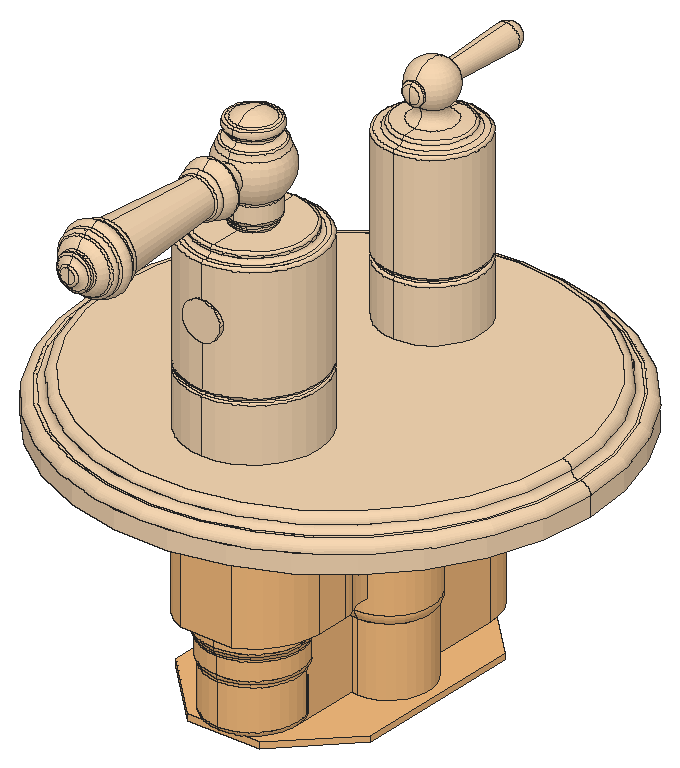
Revit family "Shower-Valve_Trim-KOHLER-Artifacts-72819W_1", category Plumbing Fixtures, host Face, Revit 2017 (continued)
Definition of nested family "72819W"
  Lines and regions (in)
    symbolic lines, detail levels medium+fine
      curve 85: line (0.90625, 0, 0.59247) -> (-0.90625, 0, 0.59247)
      curve 86: line (0.90625, 0, 1.33652) -> (-0.90625, 0, 1.33652)
      curve 87: line (0.81768, 0, 1.35641) -> (-0.81768, 0, 1.35641)
      curve 88: line (0.81768, 0, 1.4036) -> (0.5894, 0, 1.4036)
      curve 89: line (0.90625, 0, 1.42354) -> (-0.90625, 0, 1.42354)
      curve 90: line (0.90625, 0, 3.01961) -> (0.523, 0, 3.01961)
      curve 91: line (0.80245, 0, 3.0572) -> (0.50541, 0, 3.0572)
      curve 92: line (0.7484, 0, 3.11124) -> (0.23949, 0, 3.11124)
      curve 93: line (0.7484, 0, 3.14238) -> (0.21116, 0, 3.14238)
      curve 94: line (0.27091, 0, 3.17531) -> (0.19567, 0, 3.17531)
      curve 95: circle (0, 0, 3.53543) r 0.17864 normal (0, -1, 0)
      curve 96: line (0.6875, 0, 0.59247) -> (0.6875, 0, 1.33652)
      curve 97: line (0.5894, 0, 1.40759) -> (0.67165, 0, 1.40759)
      curve 98: line (0.6875, 0, 1.42344) -> (0.6875, 0, 2.93035)
      curve 99: line (0.5894, 0, 1.40759) -> (0.5894, 0, 1.35641)
      curve 100: arc (0.67165, 0, 1.40759) -> (0.68286, 0, 1.41223) -> (0.6875, 0, 1.42344) r 0.01585
      curve 101: line (0.65594, 0, 2.96705) -> (0.57008, 0, 2.98006)
      curve 102: line (0.48692, 0, 3.0644) -> (0.30793, 0, 3.08322)
      curve 103: arc (0.6875, 0, 2.93035) -> (0.67853, 0, 2.95455) -> (0.65594, 0, 2.96705) r 0.03712
      curve 104: arc (0.57008, 0, 2.98006) -> (0.54098, 0, 2.99322) -> (0.523, 0, 3.01961) r 0.05899
      curve 105: arc (0.52034, 0, 3.03143) -> (0.51554, 0, 3.04586) -> (0.50541, 0, 3.0572) r 0.03761
      curve 106: arc (0.30793, 0, 3.08322) -> (0.27171, 0, 3.09234) -> (0.23949, 0, 3.11124) r 0.13202
      curve 107: arc (0.23949, 0, 3.11124) -> (0.22407, 0, 3.12568) -> (0.21116, 0, 3.14238) r 0.13202
      curve 108: arc (0.21116, 0, 3.14238) -> (0.19824, 0, 3.16784) -> (0.19109, 0, 3.19548) r 0.13202
      curve 109: arc (0.523, 0, 3.01961) -> (0.52137, 0, 3.02546) -> (0.52034, 0, 3.03143) r 0.05899
      curve 110: arc (0.50541, 0, 3.0572) -> (0.49665, 0, 3.06204) -> (0.48692, 0, 3.0644) r 0.03761
      curve 111: line (-0.6875, 0, 0.59247) -> (-0.6875, 0, 1.33643)
      curve 112: line (-0.5894, 0, 1.40759) -> (-0.67135, 0, 1.40759)
      curve 113: line (-0.6875, 0, 1.42374) -> (-0.6875, 0, 2.93035)
      curve 114: line (-0.5894, 0, 1.40759) -> (-0.5894, 0, 1.35641)
      curve 115: arc (-0.67135, 0, 1.40759) -> (-0.68277, 0, 1.41232) -> (-0.6875, 0, 1.42374) r 0.01615
      curve 116: line (-0.65594, 0, 2.96705) -> (-0.57008, 0, 2.98006)
      curve 117: line (-0.48692, 0, 3.0644) -> (-0.30793, 0, 3.08322)
      curve 118: arc (-0.6875, 0, 2.93035) -> (-0.67853, 0, 2.95455) -> (-0.65594, 0, 2.96705) r 0.03712
      curve 119: arc (-0.57008, 0, 2.98006) -> (-0.54098, 0, 2.99322) -> (-0.523, 0, 3.01961) r 0.05899
      curve 120: arc (-0.52034, 0, 3.03143) -> (-0.51554, 0, 3.04586) -> (-0.50541, 0, 3.0572) r 0.03761
      curve 121: arc (-0.30793, 0, 3.08322) -> (-0.27171, 0, 3.09234) -> (-0.23949, 0, 3.11124) r 0.13202
      curve 122: arc (-0.23949, 0, 3.11124) -> (-0.22407, 0, 3.12568) -> (-0.21116, 0, 3.14238) r 0.13202
      curve 123: arc (-0.21116, 0, 3.14238) -> (-0.20227, 0, 3.15831) -> (-0.19567, 0, 3.17531) r 0.13202
      curve 124: arc (-0.523, 0, 3.01961) -> (-0.52137, 0, 3.02546) -> (-0.52034, 0, 3.03143) r 0.05899
      curve 125: arc (-0.50541, 0, 3.0572) -> (-0.49665, 0, 3.06204) -> (-0.48692, 0, 3.0644) r 0.03761
      curve 126: line (0.5894, 0, 1.40759) -> (-0.5894, 0, 1.40759)
      curve 127: line (-0.81768, 0, 1.4036) -> (-0.5894, 0, 1.4036)
      curve 128: line (-0.90625, 0, 3.01961) -> (-0.523, 0, 3.01961)
      curve 129: line (-0.80245, 0, 3.0572) -> (-0.50541, 0, 3.0572)
      curve 130: line (-0.7484, 0, 3.11124) -> (-0.23949, 0, 3.11124)
      curve 131: line (-0.7484, 0, 3.14238) -> (-0.21116, 0, 3.14238)
      curve 132: line (0.32977, 0, 4.48586) -> (-0.32977, 0, 4.48586)
      curve 133: line (0.32752, 0, 4.35413) -> (-0.32752, 0, 4.35413)
      curve 134: line (0.37527, 0, 4.23542) -> (-0.37527, 0, 4.23542)
      curve 135: line (0.34057, 0, 3.3095) -> (0.23004, 0, 3.3095)
      curve 136: line (-0.34057, 0, 3.3095) -> (-0.23004, 0, 3.3095)
      curve 137: line (-0.27091, 0, 3.17531) -> (-0.19567, 0, 3.17531)
      curve 138: line (0.6875, 0, 2.93035) -> (-0.6875, 0, 2.93035)
      curve 139: line (0.57008, 0, 2.98006) -> (-0.57008, 0, 2.98006)
      curve 140: line (0.52034, 0, 3.03143) -> (-0.52034, 0, 3.03143)
      curve 141: line (0.30793, 0, 3.08322) -> (-0.30793, 0, 3.08322)
      curve 142: line (0.8075, 0, -3.01252) -> (0.8075, 0, -0.86614)
      curve 143: line (0.74744, 0, -0.62446) -> (0.74744, 0, -0.86614)
      curve 144: spline (0.78893, 0, -0.57006) -> (0.7844, 0, -0.57247) -> (0.77997, 0, -0.57534) -> (0.77568, 0, -0.57867) -> (0.77155, 0, -0.58243) -> (0.76761, 0, -0.5866) -> (0.76389, 0, -0.59115) -> (0.76041, 0, -0.59604) -> (0.7572, 0, -0.60124) -> (0.75428, 0, -0.60673) -> (0.75167, 0, -0.61245) -> (0.74938, 0, -0.61838) -> (0.74744, 0, -0.62446)
      curve 145: line (0.78893, 0, -0.57006) -> (0.6875, 0, -0.57006)
      curve 146: line (0.31178, 0, -3.01252) -> (0.31178, 0, -0.86614)
      curve 147: line (0.8075, 0, -0.86614) -> (-0.8075, 0, -0.86614)
      curve 148: line (-1.24302, 0, -3.01252) -> (1.24302, 0, -3.01252)
      curve 149: line (1.2936, 0, -1.22986) -> (0.8075, 0, -1.22986)
      curve 150: line (1.24302, 0, -2.04881) -> (0.8075, 0, -2.04881)
      curve 151: line (0.6875, 0, -0.86614) -> (0.6875, 0, -0.08678)
      curve 152: line (0.73605, 0, -0.54415) -> (0.6875, 0, -0.54415)
      curve 153: line (0.74252, 0, -0.4529) -> (0.6875, 0, -0.4529)
      curve 154: line (-0.8075, 0, -3.01252) -> (-0.8075, 0, -0.86614)
      curve 155: line (-0.74744, 0, -0.62446) -> (-0.74744, 0, -0.86614)
      curve 156: spline (-0.78893, 0, -0.57006) -> (-0.7844, 0, -0.57247) -> (-0.77997, 0, -0.57534) -> (-0.77568, 0, -0.57867) -> (-0.77155, 0, -0.58243) -> (-0.76761, 0, -0.5866) -> (-0.76389, 0, -0.59115) -> (-0.76041, 0, -0.59604) -> (-0.7572, 0, -0.60124) -> (-0.75428, 0, -0.60673) -> (-0.75167, 0, -0.61245) -> (-0.74938, 0, -0.61838) -> (-0.74744, 0, -0.62446)
      curve 157: line (-0.78893, 0, -0.57006) -> (-0.6875, 0, -0.57006)
      curve 158: line (-0.31178, 0, -3.01252) -> (-0.31178, 0, -0.86614)
      curve 159: line (-1.2936, 0, -1.22986) -> (-0.8075, 0, -1.22986)
      curve 160: line (-1.24302, 0, -2.04881) -> (-0.8075, 0, -2.04881)
      curve 161: line (-0.73605, 0, -0.54415) -> (-0.6875, 0, -0.54415)
      curve 162: line (-0.74252, 0, -0.4529) -> (-0.6875, 0, -0.4529)
      curve 163: line (-0.6875, 0, -0.86614) -> (-0.6875, 0, -0.08678)
      curve 164: line (0.48257, 0, -3.09375) -> (0.48257, 0, -3.01252)
      curve 165: line (-0.48174, 0, -3.09375) -> (-0.48174, 0, -3.01252)
      curve 166: line (-0.32931, -3.51586, 0) -> (-0.26181, -2.55069, 0)
      curve 167: arc (-0.26, -2.42488, 0) -> (-0.30923, -2.46412, 0) -> (-0.28042, -2.52009, 0) r 0.04965
      curve 168: arc (-0.26181, -2.55069, 0) -> (-0.26625, -2.53243, 0) -> (-0.28042, -2.52009, 0) r 0.031
      curve 169: arc (-0.19373, -1.98147, 0) -> (-0.20558, -2.07631, 0) -> (-0.25118, -2.16032, 0) r 0.25772
      curve 170: arc (-0.26, -2.42488, 0) -> (-0.29675, -2.40435, 0) -> (-0.32794, -2.37608, 0) r 0.1862
      curve 171: arc (-0.35768, -2.23775, 0) -> (-0.36998, -2.24777, 0) -> (-0.37405, -2.26309, 0) r 0.02571
      curve 172: line (0.32931, -3.51586, 0) -> (0.26181, -2.55069, 0)
      curve 173: arc (0.26, -2.42488, 0) -> (0.30923, -2.46412, 0) -> (0.28042, -2.52009, 0) r 0.04965
      curve 174: arc (0.26181, -2.55069, 0) -> (0.26625, -2.53243, 0) -> (0.28042, -2.52009, 0) r 0.031
      curve 175: arc (0.19373, -1.98147, 0) -> (0.20558, -2.07631, 0) -> (0.25118, -2.16032, 0) r 0.25772
      curve 176: arc (0.26, -2.42488, 0) -> (0.29675, -2.40435, 0) -> (0.32794, -2.37608, 0) r 0.1862
      curve 177: arc (0.35768, -2.23775, 0) -> (0.36998, -2.24777, 0) -> (0.37405, -2.26309, 0) r 0.02571
      curve 178: arc (0.19373, -1.98147, 0) -> (0, -1.04112, 0) -> (-0.19373, -1.98147, 0) r 0.49013
      curve 179: circle (0, -1.53125, 0) r 0.35879 normal (0, 0, 1)
      curve 180: arc (0.31066, -2.21369, 0) -> (0, -0.78143, 0) -> (-0.31066, -2.21369, 0) r 0.74982
      curve 181: arc (0.32794, -2.37608, 0) -> (0, -0.625, 0) -> (-0.32794, -2.37608, 0) r 0.90625
      curve 182: line (-0.19373, -1.98147, 0) -> (0.19373, -1.98147, 0)
      curve 183: line (-0.26, -2.42488, 0) -> (0.26, -2.42488, 0)
      curve 184: line (0.17855, 2.93067, 0) -> (0.12585, 1.92501, 0)
      curve 185: arc (0.11979, 1.25059, 0) -> (0.06104, 1.23302, 0) -> (0, 1.22709, 0) r 0.31705
      curve 186: arc (0.15304, 1.28326, 0) -> (0.13964, 1.26365, 0) -> (0.11979, 1.25059, 0) r 0.06141
      curve 187: arc (0.14158, 1.31937, 0) -> (0.15402, 1.30345, 0) -> (0.15304, 1.28326, 0) r 0.02899
      curve 188: arc (0.13351, 1.32832, 0) -> (0.1369, 1.32327, 0) -> (0.14158, 1.31937, 0) r 0.02135
      curve 189: arc (0.13351, 1.32832, 0) -> (0.32531, 1.62918, 0) -> (0.12585, 1.92501, 0) r 0.32534
      curve 190: line (-0.17855, 2.93067, 0) -> (-0.12585, 1.92501, 0)
      curve 191: arc (-0.11979, 1.25059, 0) -> (-0.06104, 1.23302, 0) -> (0, 1.22709, 0) r 0.31705
      curve 192: arc (-0.15304, 1.28326, 0) -> (-0.13964, 1.26365, 0) -> (-0.11979, 1.25059, 0) r 0.06141
      curve 193: arc (-0.14158, 1.31937, 0) -> (-0.15402, 1.30345, 0) -> (-0.15304, 1.28326, 0) r 0.02899
      curve 194: arc (-0.13351, 1.32832, 0) -> (-0.1369, 1.32327, 0) -> (-0.14158, 1.31937, 0) r 0.02135
      curve 195: arc (-0.12585, 1.92501, 0) -> (-0.32531, 1.62918, 0) -> (-0.13351, 1.32832, 0) r 0.32534
      curve 196: line (-0.12585, 1.92501, 0) -> (0.12585, 1.92501, 0)
      curve 197: line (-0.13351, 1.32832, 0) -> (0.13351, 1.32832, 0)
      curve 198: arc (0.32235, -3.41637, 0) -> (0, 3.43154, 0) -> (-0.32235, -3.41637, 0) r 3.43154
      curve 199: arc (0.32616, -3.47085, 0) -> (0, 3.48614, 0) -> (-0.32616, -3.47085, 0) r 3.48614
      curve 200: arc (0.32068, -3.39245, 0) -> (0, 3.40757, 0) -> (-0.32068, -3.39245, 0) r 3.40757
      curve 201: arc (0.25118, -2.16032, 0) -> (0, -0.85389, 0) -> (-0.25118, -2.16032, 0) r 0.67736
      curve 202: arc (-0.14013, 2.1975, 0) -> (0, 1.0356, 0) -> (0.14013, 2.1975, 0) r 0.5894
      curve 203: arc (-0.13669, 2.13192, 0) -> (0, 1.09997, 0) -> (0.13669, 2.13192, 0) r 0.52503
      curve 204: line (-0.26181, -2.55069, 0) -> (0.26181, -2.55069, 0)
      curve 205: line (-0.38776, -4.10097, 0) -> (0.38776, -4.10097, 0)
      curve 206: line (-0.36841, -4.07503, 0) -> (0.36841, -4.07503, 0)
      curve 207: line (-0.41347, -4.1726, 0) -> (0.41347, -4.1726, 0)
      curve 208: line (-0.42374, -4.2138, 0) -> (0.42374, -4.2138, 0)
      curve 209: line (-0.42248, -4.38283, 0) -> (0.42248, -4.38283, 0)
      curve 210: line (-0.41298, -4.42258, 0) -> (0.41298, -4.42258, 0)
      curve 211: line (-0.3856, -4.49516, 0) -> (0.3856, -4.49516, 0)
      curve 212: line (-0.36349, -4.51633, 0) -> (0.36349, -4.51633, 0)
      curve 213: line (-0.24038, -4.66467, 0) -> (0.24038, -4.66467, 0)
      curve 214: line (-0.24038, -4.69653, 0) -> (0.24038, -4.69653, 0)
      curve 215: line (-0.12809, -4.81142, 0) -> (0.12805, -4.81235, 0)
      curve 216: line (-0.25608, -4.63911, 0) -> (0.25608, -4.63911, 0)
      curve 217: line (-0.14158, 1.31937, 0) -> (0.14158, 1.31937, 0)
      curve 218: arc (-0.17855, 2.93067, 0) -> (-0.13034, 3.06509, 0) -> (-0.00071, 3.125, 0) r 0.18478
      curve 219: arc (-0.00071, 3.125, 0) -> (0.1336, 3.06904, 0) -> (0.17855, 2.93067, 0) r 0.17415
      curve 220: arc (0.6875, 0, 1.33652) -> (0.68062, 0, 1.35165) -> (0.6647, 0, 1.35641) r 0.02008
      curve 221: arc (-0.6875, 0, 1.33643) -> (-0.67979, 0, 1.35245) -> (-0.66246, 0, 1.35641) r 0.02049
      curve 222: line (0, -1.87182, 3.31136) -> (0, -1.19068, 3.31136)
      curve 223: line (-0.29108, 0, 3.22899) -> (-0.19051, 0, 3.22899)
      curve 224: line (-0.29108, 0, 3.19548) -> (-0.19109, 0, 3.19548)
      curve 225: line (0.29108, 0, 3.22899) -> (0.19051, 0, 3.22899)
      curve 226: line (0.29108, 0, 3.19548) -> (0.19109, 0, 3.19548)
      curve 227: arc (0.19109, 0, 3.19548) -> (0.18973, 0, 3.21221) -> (0.19051, 0, 3.22899) r 0.13202
      curve 228: arc (0.19051, 0, 3.22899) -> (0.20323, 0, 3.2727) -> (0.23004, 0, 3.3095) r 0.13202
      curve 229: arc (-0.19051, 0, 3.22899) -> (-0.20323, 0, 3.2727) -> (-0.23004, 0, 3.3095) r 0.13202
      curve 230: arc (-0.19109, 0, 3.19548) -> (-0.18973, 0, 3.21221) -> (-0.19051, 0, 3.22899) r 0.13202
      curve 231: arc (-0.19567, 0, 3.17531) -> (-0.19298, 0, 3.1853) -> (-0.19109, 0, 3.19548) r 0.13202
      curve 232: line (0, 2.3125, -0.08678) -> (0, 0.9375, -0.08678)
      curve 233: line (0, -0.68034, -0.08678) -> (0, -2.38216, -0.08678)
      curve 234: arc (0, -2.4375, 2.59952) -> (0, -2.42101, 2.30909) -> (0, -2.4375, 2.01866) r 2.56565
      curve 235: arc (0.32794, -2.37608, 0) -> (0.36051, -2.32347, 0) -> (0.37405, -2.26309, 0) r 0.1862
      curve 236: arc (0.31066, -2.21369, 0) -> (0.33355, -2.22692, 0) -> (0.35768, -2.23775, 0) r 0.25772
      curve 237: arc (0.25118, -2.16032, 0) -> (0.27884, -2.18932, 0) -> (0.31066, -2.21369, 0) r 0.25772
      curve 238: arc (-0.25118, -2.16032, 0) -> (-0.27884, -2.18932, 0) -> (-0.31066, -2.21369, 0) r 0.25772
      curve 239: arc (-0.31066, -2.21369, 0) -> (-0.33355, -2.22692, 0) -> (-0.35768, -2.23775, 0) r 0.25772
      curve 240: arc (-0.32794, -2.37608, 0) -> (-0.36051, -2.32347, 0) -> (-0.37405, -2.26309, 0) r 0.1862
      curve 241: arc (0.6875, 1.625, 0) -> (0.48614, 1.13886, 0) -> (0, 0.9375, 0) r 0.6875
      curve 242: arc (0, 0.9375, 0) -> (-0.48614, 1.13886, 0) -> (-0.6875, 1.625, 0) r 0.6875
      curve 243: arc (-0.6875, 1.625, 0) -> (-0.53506, 2.0567, 0) -> (-0.14534, 2.29696, 0) r 0.6875
      curve 244: arc (0.6875, 1.625, 0) -> (0.53506, 2.0567, 0) -> (0.14534, 2.29696, 0) r 0.6875
      curve 252: line (0.85107, 0, -0.08678) -> (-0.85107, 0, -0.08678)
      curve 253: line (0, 1.85475, 3.31108) -> (0, 1.39525, 3.31108)
      curve 254: line (0, -1.19068, 3.53618) -> (0, -1.87182, 3.53618)
      curve 255: line (-0.30935, 0, 3.53544) -> (-0.34058, 0, 3.53544)
      curve 256: line (0.30935, 0, 3.53544) -> (0.34058, 0, 3.53544)
      curve 257: arc (0, 0, 3.84375) -> (0.2147, 0, 3.74983) -> (0.30935, 0, 3.53544) r 0.32292
      curve 258: arc (0.30935, 0, 3.53544) -> (0.29154, 0, 3.41481) -> (0.23004, 0, 3.3095) r 0.32117
      curve 259: arc (-0.30935, 0, 3.53544) -> (-0.22211, 0, 3.75726) -> (0, 0, 3.84375) r 0.29736
      curve 260: arc (-0.23004, 0, 3.3095) -> (-0.28676, 0, 3.41648) -> (-0.30935, 0, 3.53544) r 0.40528
    symbolic lines, detail levels coarse
      curve 245: line (0.44954, 0, -1.43959) -> (0.44954, 0, -1.76885)
      curve 246: line (-0.44954, 0, -1.43959) -> (-0.44954, 0, -1.76885)
      curve 247: line (0.44954, 0, -1.76885) -> (-0.44954, 0, -1.43959)
      curve 248: line (0.44954, 0, -1.43959) -> (-0.44954, 0, -1.76885)
      curve 249: line (0, 0, -1.60422) -> (0, 0, -2.10422)
      curve 250: line (-0.31178, 0, -2.10422) -> (0.31178, 0, -2.10422)
      curve 251: arc (0.31178, 0, -2.10422) -> (0, 0, -2.27541) -> (-0.31178, 0, -2.10422) r 0.36952
  Dimensions and locks (in)
    locked: plane 8 to plane 2 at 0.5925
    locked: plane 9 to plane 2 at 3.90554
    plane 10 to plane 2 = 4.68504"
    locked: plane 12 to plane 11 at 3.15625
    plane 11 to plane 13 = 3.30709"
    locked: plane 14 to plane 12 at 1.49606
    plane 4 to plane 5 = 7.08661"
    plane 7 to plane 6 = 7.08661"
    aligned and locked: plane 2 to level
Types (3): name | Type | Model | Finish
  (no name) | 1 | "72819W-ZZ-2MB " | Kohler-Metal-2MB-Vibrant_Brushed_Moderne_Brass
  2MB-Vibrant Brushed Moderne Brass | 1 | "72819W-ZZ-2MB " | Kohler-Metal-2MB-Vibrant_Brushed_Moderne_Brass
  2BZ-Oil Rubbed Bronze | 2 | "72819W-ZZ-2BZ " | Kohler-Metal-2BZ-Oil_Rubbed_Bronze
